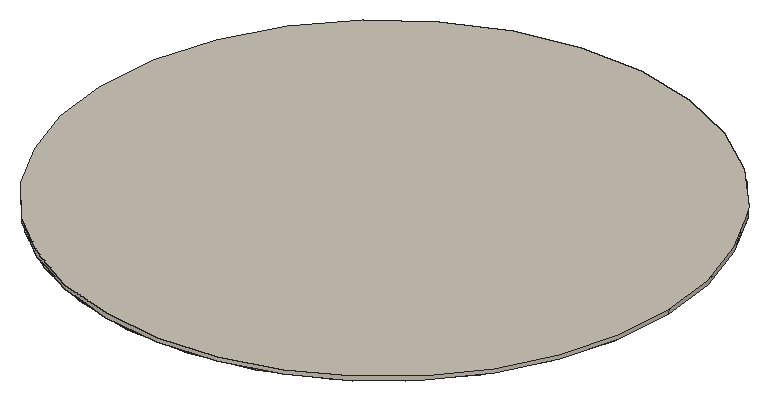
Revit family "Haworth_BuzziBalance_Board", category Furniture, Revit 2018
Family settings
  OmniClass Number = 23.40.70.14.64.21
  OmniClass Title = Systems Furniture
  Work Plane-Based = No
  Always vertical = Yes
  Cut with Voids When Loaded = No
  Shared = No
  Room Calculation Point = No
Parameters (values of type "HCBZ-BAAB - Small")
  Wood Finish = Haworth _ Wood _ Collection _ Ash Natural
  Warranty = "http://www.haworth.com/resources/product-info/warranties"
  URL - Product = "https://www.haworth.com/products/seating/acoustic-seating/buzzibalance"
  URL = "http://www.haworth.com/our-brands/haworth-collection"
  Small = yes
  Size = "Verify Final Dim. w/ Haworth"  # constant formula
  Revision Number = "1"  # constant formula
  Radius = Actual Width / 2  # 10.82422"
  Model = "HCBZ-BAAB"  # constant formula
  Manufacturer = "Haworth"  # constant formula
  Large = not(Small)  # no
  Description = "Haworth BuzziBalance - Small Board"
  Author = "Haworth (Alias)"  # constant formula
  Assembly Code = "E2020200"
  Actual Width = if(Small, 21.64844", 38.19141")  # 21.64844"
  Actual Height = 2.76172"  # constant formula
  Actual Depth = if(Small, 21.64844", 38.19141")  # 21.64844"
Types (2): name | Small | Radius | Large | Description | Actual Width | Actual Depth
  HCBZ-BAAB - Small | yes | 10.82422" | no | "Haworth BuzziBalance - Small Board" | 21.64844" | 21.64844"
  HCBZ-BAAB - Large | no | 19.0957" | yes | "Haworth BuzziBalance Large Board" | 38.19141" | 38.19141"
Reference planes (in)
  plane 1: z = 0
  plane 2 "Left": x = 1.42578
  plane 3 "Back": y = -8.3457
  plane 4 "Front": y = -29.99414
  plane 5 "Top": z = 2.76172
  plane 6 "Right": x = 23.07422
  plane 7 "Center LR": x = 12.25
  plane 8 "Center FB": y = -19.16992
  plane 9 "Middle": z = 2.61719
Forms (in)
  Extrusion 1, solid, material "Haworth _ Wood _ Collection _ Ash Natural" <- "Wood Finish"
    sketch origin (0, 0, 2.76172) x (-1, 0, 0) y (0, -1, 0)
      loop
        circle (-12.25, 19.16992) r 10.82422
    from 0 to -0.14453
  Revolve 2, solid, material "Haworth _ Wood _ Collection _ Ash Natural" <- "Wood Finish"
    sketch origin (0, -19.16992, 0) x (-1, 0, 0) y (0, 0, 1)
      loop
        line (-12.25, 0) -> (-12.25, 2.61719) -> (-23.07422, 2.61719)
        arc (-23.07422, 2.61719) -> (-17.81034, 0.69555) -> (-12.25, 0) r 24.89347
      axis (-12.25, 2.61719) -> (-12.25, 0)
    angle from 0 to 360
Lines and regions (in)
  Masking region 1
    outline origin (0, 0, 2.76172) x (-1, 0, 0) y (0, -1, 0)
      loop
        circle (-12.25, 19.16992) r 10.82422
Dimensions and locks (in)
  "Actual Depth": plane 3 "Back" to plane 4 "Front"
  equal spacing: plane 4 "Front", plane 8 "Center FB", plane 3 "Back"
  equal spacing: plane 2 "Left", plane 7 "Center LR", plane 6 "Right"
  "Actual Width": plane 2 "Left" to plane 6 "Right"
  "Actual Height": plane 5 "Top" to plane 1
  "Radius": radius of Extrusion 1 sketch curve
  "Radius": radius of Masking region 1 sketch curve
  aligned and locked: plane 7 "Center LR" to Extrusion 1 sketch curve
  aligned and locked: plane 8 "Center FB" to Extrusion 1 sketch curve
  aligned and locked: plane 9 "Middle" to Extrusion 1
  aligned and locked: plane 5 "Top" to Extrusion 1
  aligned and locked: Revolve 2 sketch curve to plane 7 "Center LR"  (x2)
  aligned and locked: plane 7 "Center LR" to Masking region 1 sketch curve
  aligned and locked: plane 8 "Center FB" to Masking region 1 sketch curve
  aligned and locked: Revolve 2 sketch curve to plane 9 "Middle"
  aligned and locked: plane 1 to Revolve 2 sketch curve
Automatic sketch dimensions
  Revolve 2 sketch curve to plane 6 "Right" = 0.00"
  Revolve 2 sketch curve to plane 7 "Center LR" = 0.29007"
  Revolve 2 sketch curve to Revolve 2 sketch curve = 6.38281"
  plane 5 "Top" to Revolve 2 sketch curve = 5.85547"
